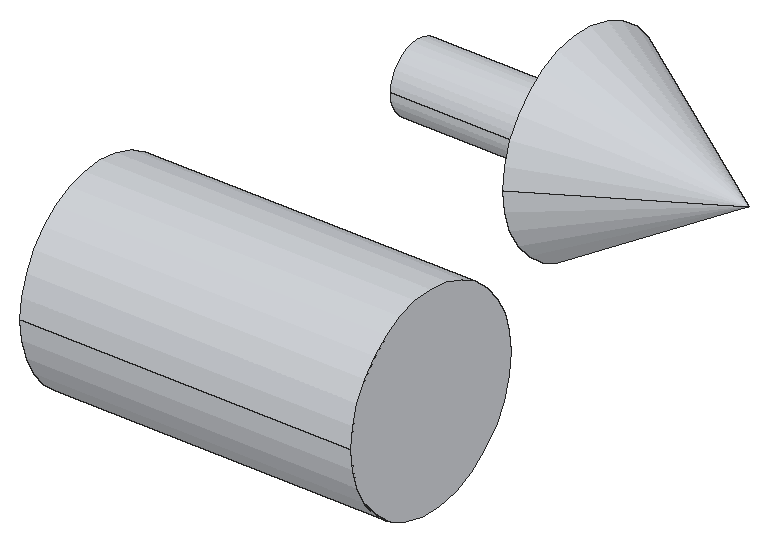
Revit family "Arent-Mechanical Equipment-Pointer", category Mechanical Equipment, Revit 2020
Family settings
  Round Connector Dimension = Use Diameter
  Part Type = Normal
  OmniClass Number = 23.75.00.00
  OmniClass Title = Climate Control (HVAC)
  Work Plane-Based = No
  Always vertical = Yes
  Cut with Voids When Loaded = No
  Shared = No
  Room Calculation Point = No
Parameters
  Default Elevation = 0 mm
  Arent-RoundDuct-MarkupDiameter [instance] = [Arent-RoundDuct-Diameter] + 20 mm  # 30.16 mm
  Arent-RoundDuct-Diameter [instance] = 10.16 mm
Reference planes
  plane 1 "Center (Front/Back)": y = 0
  plane 2: z = 0
  plane 3 "Center (Left/Right)": x = 0
  plane 4: x = -25
  plane 5: x = 25
  plane 6: x = 12.5
  plane 7: y = 60
  plane 8: y = -15.08
  plane 9: y = 15.08
  plane 10: y = 54.92
  plane 11: y = 65.08
Forms (mm)
  Extrusion 1, solid
    sketch origin (0, 0, 0) x (0, 1, 0) y (0, 0, 1)
      loop
        circle (0, 0) r 15.08
    from -25 to 25
  Revolve 2, solid
    sketch origin (0, 0, 0) x (1, 0, 0) y (0, 1, 0)
      loop
        line (25, 60) -> (-25, 60) -> (-25, 54.92) -> (0, 54.92) -> (0, 44.92) -> (25, 60)
      axis (-25, 60) -> (25, 60)
    angle from 0 to 360
Dimensions and locks
  equal spacing: plane 4, plane 3 "Center (Left/Right)", plane 5
  plane 4 to plane 5 = 50 mm
  equal spacing: plane 3 "Center (Left/Right)", plane 6, plane 5
  equal spacing: plane 8, plane 1 "Center (Front/Back)", plane 9
  "Arent-RoundDuct-MarkupDiameter": plane 8 to plane 9
  equal spacing: plane 11, plane 7, plane 10
  plane 11 to plane 9 = 50 mm
  locked: plane 11 to plane 10 at 10.16
  "Arent-RoundDuct-MarkupDiameter": diameter of Extrusion 1 sketch curve
  aligned and locked: level to plane 2
  aligned and locked: Extrusion 1 to plane 4
  aligned and locked: plane 5 to Extrusion 1
  aligned and locked: Revolve 2 sketch curve to plane 7
  aligned and locked: plane 7 to Revolve 2 sketch curve
  aligned and locked: plane 10 to Revolve 2 sketch curve
  aligned and locked: Revolve 2 sketch curve to plane 4
  aligned and locked: Revolve 2 sketch curve to plane 3 "Center (Left/Right)"
Automatic sketch dimensions
  Revolve 2 sketch curve to plane 5 = 0 mm
  Revolve 2 sketch curve to plane 4 = 14.932 mm
  plane 5 to Revolve 2 sketch curve = 30.757 mm
  Revolve 2 sketch curve to Revolve 2 sketch curve = 10 mm
  Extrusion 1 sketch curve to level = 0 mm
  Extrusion 1 sketch curve to plane 1 "Center (Front/Back)" = 0 mm
